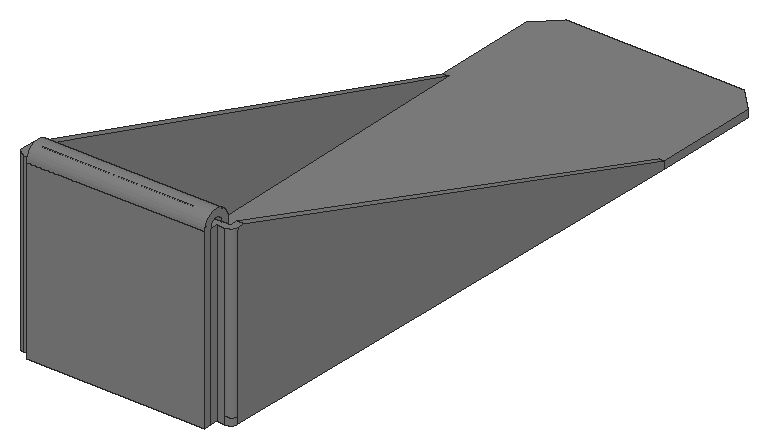
Revit family "Holdown-Simpson_Strong_Tie-HD3B-3D", category Structural Connections, host Face, Revit 2020
Family settings
  Host = Face
  Material for Model Behavior = Other
  OmniClass Number = 23.20.40.11.24.14
  OmniClass Title = Wood Connectors
  Enable cutting in views = No
  Cut with Voids When Loaded = No
  Shared = No
Parameters (values of type "EFHoldown_Simpson")
  Width = 2 1/2"
  URL = "http://www.strongtie.com"
  Type Comments = "Holdowns"  # constant formula
  SPF/HF_Allowable Loads_Tension_160 = "Use Type Catalog"
  Standoff = 3/8"
  Model ID = "F5B11FDA-1746-43F5-A424-0BA0717E0649"  # constant formula
  Is Void = yes
  Bolt Spacing = 2 1/2"
  Provide Feedback = "http://www.strongtie.com/drawings/revit_request.asp"
  Product Material = Steel - Simpson - Galvanized
  Product Documentation Link = "http://www.strongtie.com/products/connectors/HDB-HD.asp"
  Part Number = Model  # "Use Type Catalog"
  Part Description = Description  # "Holdowns"
  Original Creation Date = "May 02, 2013"  # constant formula
  Model Disclaimer = "Contact Simpson Strong-Tie Company Inc. for more information"  # constant formula
  Model = "Use Type Catalog"
  Minimum Wood Member Thickness = "Use Type Catalog"
  Manufacturer = "Simpson Strong-Tie Company Inc."  # constant formula
  Keynote = ""
  Height = 8 5/8"
  Height of Bolt = 4 3/4"
  Fasteners_Type = "Use Type Catalog"
  Fasteners_Quantity = 0
  Family Version = "1.0.0"  # constant formula
  Equipment Number [instance] = ""
  Equipment Abbreviation = "Use Type Catalog"
  Description = "Holdowns"  # constant formula
  Depth = 2 1/4"
  Deflection at Highest_Allowable Load = "Use Type Catalog"
  Default Elevation = 0"
  Date Last Modified = "May 09, 2013"  # constant formula
  DF/SP_Allowable Loads_Tension_160 = "Use Type Catalog"
  Copyright = "Copyright © Simpson Strong-Tie Company Inc."  # constant formula
  Code Reference = "Use Type Catalog"
  Body Gauge = 0
  Anchor Centerline = 2.63364"
  Anchor Bolt Dia. = 0"
Reference planes (in)
  plane 1 "Center (Front/Back)": y = 0
  plane 2: z = 0
  plane 3 "Center (Left/Right)": x = 0
  plane 4 "top1": y = 8.25
  plane 5 "top4": y = 6.625
  plane 6 "left1": x = -1.41992
  plane 7 "left4": x = -1.13807
  plane 8 "left3": x = -1.25
  plane 9 "bottom4": y = -0.09375
  plane 10 "bottom3": y = -0.1875
  plane 11 "bottom2": y = -0.28125
  plane 12 "bottom1": y = -0.375
  plane 13 "left2": x = -1.34375
  plane 14 "right1": x = 1.41992
  plane 15 "right4": x = 1.13807
  plane 16 "right3": x = 1.25
  plane 17 "right2": x = 1.34375
  plane 18 "2": z = 0.09375
  plane 19 "1": z = 2.25
  plane 20 "top2": y = 7.96875
  plane 21 "top3": y = 6.875
  plane 22: y = 4.375
Forms (in)
  Extrusion 1, solid, material "Steel - Simpson - Galvanized" <- "Product Material", detail levels medium+fine
    sketch origin (0, 0, 1.695) x (1, 0, 0) y (0, 1, 0)
      loop
        line (1.13807, -0.28125) -> (1.13807, -0.1875) -> (-1.25, -0.1875) -> (-1.34375, 6.625) -> (-1.41992, 6.625) -> (-1.34372, -0.18975)
        arc (-1.34372, -0.18975) -> (-1.31549, -0.25458) -> (-1.25, -0.28125) r 0.09375
        line (-1.25, -0.28125) -> (1.13807, -0.28125)
    from -1.695 to 0.555
  Extrusion 2, solid, material "Steel - Simpson - Galvanized" <- "Product Material", detail levels medium+fine
    sketch origin (0, 0, 1.695) x (1, 0, 0) y (0, 1, 0)
      loop
        line (1.41992, 6.625) -> (1.34375, 6.625) -> (1.25, -0.09375) -> (-1.13807, -0.09375) -> (-1.13807, -0.1875) -> (1.25, -0.1875)
        arc (1.25, -0.1875) -> (1.31629, -0.16004) -> (1.34375, -0.09375) r 0.09375
        line (1.34375, -0.09375) -> (1.41992, 6.625)
    from -1.695 to 0.555
  Extrusion 3, solid, material "Steel - Simpson - Galvanized" <- "Product Material", detail levels medium+fine
    sketch origin (-1.62237, 0, 0) x (0, 1, 0) y (0, 0, 1)
      loop
        line (-0.375, 2.25) -> (-0.375, 0) -> (-0.28125, 0) -> (-0.28125, 2.25)
        arc (-0.28125, 2.25) -> (-0.1875, 2.34375) -> (-0.09375, 2.25) r 0.09375
        line (-0.09375, 2.25) -> (-0.09375, 0.09375) -> (0, 0.09375) -> (0, 2.25)
        arc (0, 2.25) -> (-0.1875, 2.4375) -> (-0.375, 2.25) r 0.1875
    from 0.4843 to 2.76044
  Extrusion 4, solid, material "Steel - Simpson - Galvanized" <- "Product Material", detail levels medium+fine
    sketch origin (0, 0, 1.695) x (1, 0, 0) y (0, 1, 0)
      loop
        line (1.13807, 8.25) -> (-1.13807, 8.25) -> (-1.41992, 7.96875) -> (-1.41992, 6.625) -> (-1.34375, -0.1875) -> (1.25, -0.1875)
        arc (1.25, -0.1875) -> (1.31629, -0.16004) -> (1.34375, -0.09375) r 0.09375
        line (1.34375, -0.09375) -> (1.41992, 6.625) -> (1.41992, 7.96815) -> (1.13807, 8.25)
    from -1.695 to -1.60125
  Extrusion 5, void
    sketch origin (-1.62237, 0, 0) x (0, 1, 0) y (0, 0, 1)
      loop
        line (6.625, 2.25) -> (0, 2.25) -> (6.625, 0.09375) -> (6.625, 2.25)
    from -0.24813 to 3.50667
Cuts and joins
  Extrusion 5 cuts Extrusion 1
  Extrusion 5 cuts Extrusion 2
  Extrusion 5 cuts Extrusion 4
  joined: Extrusion 1, Extrusion 2, Extrusion 4
Lines and regions (in)
  Masking region 1, detail levels medium+fine
    outline origin (0, 0, 0.09375) x (0, 1, 0) y (-1, 0, 0)
      loop
        arc (-0.1875, -1.25) -> (-0.16004, -1.31629) -> (-0.09375, -1.34375) r 0.09375
        line (-0.09375, -1.34375) -> (6.625, -1.41992) -> (7.96815, -1.41992) -> (8.25, -1.13807) -> (8.25, 1.13807) -> (7.96875, 1.41992) -> (6.625, 1.41992) -> (-0.18975, 1.34372)
        arc (-0.18975, 1.34372) -> (-0.25458, 1.31549) -> (-0.28125, 1.25) r 0.09375
        line (-0.28125, 1.25) -> (-0.28125, 1.13807) -> (-0.375, 1.13807) -> (-0.375, -1.13807) -> (-0.1875, -1.13807) -> (-0.1875, -1.25)
      loop
        circle (6.875, 0) r 0.34375
      loop
        circle (4.375, 0) r 0.34375
  Masking region 2, detail levels medium+fine
    outline origin (0, 0, 2.25) x (0, 1, 0) y (-1, 0, 0)
      loop
        line (6.625, -1.34375) -> (-0.09375, -1.25) -> (-0.09375, -1.13807) -> (0, -1.13807) -> (0, 1.13807) -> (-0.1875, 1.13807) -> (-0.1875, 1.25) -> (6.625, 1.34375) -> (6.625, 1.41992) -> (-0.18746, 1.34375)
        arc (-0.18746, 1.34375) -> (-0.25375, 1.31629) -> (-0.28121, 1.24999) r 0.09376
        line (-0.28121, 1.24999) -> (-0.28121, 1.13807) -> (-0.375, 1.13807) -> (-0.375, -1.13807) -> (-0.125, -1.13807) -> (-0.125, -1.34375) -> (6.625, -1.41992) -> (6.625, -1.34375)
  Masking region 3, detail levels medium+fine
    outline origin (1.41992, 0, 0) x (0, 1, 0) y (0, 0, 1)
      loop
        line (6.625, 0.09375) -> (-0.375, 2.37205) -> (-0.375, 0) -> (8.25, 0) -> (8.25, 0.09375) -> (6.625, 0.09375)
  Masking region 4, detail levels medium+fine
    outline origin (-1.41992, 0, 0) x (0, 1, 0) y (0, 0, 1)
      loop
        arc (0, 2.25) -> (-0.1875, 2.4375) -> (-0.375, 2.25) r 0.1875
        line (-0.375, 2.25) -> (-0.375, 0) -> (8.25, 0) -> (8.25, 0.09375) -> (6.625, 0.09375) -> (0, 2.25)
  Masking region 5, detail levels medium+fine
    outline origin (0, 8.25, 0) x (1, 0, 0) y (0, 0, 1)
      loop
        line (1.34481, 2.25) -> (1.25131, 2.25) -> (1.34375, 0.09375) -> (-1.34375, 0.09375) -> (-1.25258, 2.25) -> (-1.34584, 2.25) -> (-1.41992, 0.09375) -> (-1.41992, 0) -> (1.41992, 0) -> (1.41992, 0.09375) -> (1.34481, 2.25)
  symbolic lines, detail levels medium+fine
    curve 1: line (1.13807, 8.25, 0.09375) -> (-1.13807, 8.25, 0.09375)
    curve 2: line (-1.13807, 8.25, 0.09375) -> (-1.41992, 7.96875, 0.09375)
    curve 3: line (-1.41992, 7.96875, 0.09375) -> (-1.41992, 6.625, 0.09375)
    curve 4: line (1.41992, 6.625, 0.09375) -> (1.41992, 7.96815, 0.09375)
    curve 5: line (1.41992, 7.96815, 0.09375) -> (1.13807, 8.25, 0.09375)
    curve 6: line (1.34375, -0.09375, 0.09375) -> (1.41992, 6.625, 0.09375)
    curve 7: line (1.34375, 6.625, 0.09375) -> (1.25, -0.09375, 0.09375)
    curve 8: line (-1.25, -0.1875, 0.09375) -> (-1.34375, 6.625, 0.09375)
    curve 9: line (-1.41992, 6.625, 0.09375) -> (-1.34372, -0.18975, 0.09375)
    curve 10: line (-1.34375, 6.625, 0.09375) -> (-1.41992, 6.625, 0.09375)
    curve 11: line (1.34375, 6.625, 0.09375) -> (1.41992, 6.625, 0.09375)
    curve 12: line (1.34481, 0, 0.09375) -> (1.25131, 0, 0.09375)
    curve 13: arc (1.25, -0.1875, 0.09375) -> (1.31629, -0.16004, 0.09375) -> (1.34375, -0.09375, 0.09375) r 0.09375
    curve 14: line (-1.25, -0.1875, 0.09375) -> (-1.13807, -0.1875, 0.09375)
    curve 15: line (1.25, -0.09375, 0.09375) -> (1.13807, -0.09375, 0.09375)
    curve 16: line (-1.25258, 0, 0.09375) -> (-1.34584, 0, 0.09375)
    curve 17: arc (-1.34372, -0.18975, 0.09375) -> (-1.31549, -0.25458, 0.09375) -> (-1.25, -0.28125, 0.09375) r 0.09375
    curve 18: line (-1.25, -0.28125, 0.09375) -> (-1.13807, -0.28125, 0.09375)
    curve 19: line (1.13807, -0.1875, 0.09375) -> (1.25, -0.1875, 0.09375)
    curve 20: line (-1.13807, 0, 0.09375) -> (-1.13807, -0.375, 0.09375)
    curve 21: line (-1.13807, -0.375, 0.09375) -> (1.13807, -0.375, 0.09375)
    curve 22: line (1.13807, 0, 0.09375) -> (-1.13807, 0, 0.09375)
    curve 23: line (1.13807, -0.375, 0.09375) -> (1.13807, 0, 0.09375)
    curve 24: line (0, 8.25, 0) -> (0, 8.25, 0.09375)
    curve 25: line (0, 7.96815, 0) -> (0, 7.96815, 0.09375)
    curve 26: line (0, 6.625, 0) -> (0, 6.625, 0.09375)
    curve 27: line (0, -0.1875, 0) -> (0, -0.1875, 2.25)
    curve 28: line (0, -0.28125, 0) -> (0, -0.28125, 2.25)
    curve 29: line (0, -0.375, 2.25) -> (0, -0.375, 0)
    curve 30: line (0, 0, 2.25) -> (0, -0.28125, 2.25)
    curve 31: arc (0, -0.28125, 2.25) -> (0, -0.1875, 2.34375) -> (0, -0.09375, 2.25) r 0.09375
    curve 32: arc (0, 0, 2.25) -> (0, -0.1875, 2.4375) -> (0, -0.375, 2.25) r 0.1875
    curve 33: line (0, 0, 2.25) -> (0, 6.625, 0.09375)
    curve 34: line (0, -0.375, 0) -> (0, 8.25, 0)
    curve 35: line (0, 8.25, 0.09375) -> (0, 6.625, 0.09375)
    curve 36: line (-1.13807, 0, 2.4375) -> (-1.13807, 0, 0)
    curve 37: line (1.13807, 0, 0) -> (1.13807, 0, 2.4375)
    curve 38: line (1.34481, 0, 2.25) -> (1.13807, 0, 2.25)
    curve 39: line (-1.13807, 0, 2.25) -> (-1.34584, 0, 2.25)
    curve 40: line (1.34375, 0, 0.09375) -> (-1.34375, 0, 0.09375)
    curve 41: line (-1.41992, 0, 0) -> (1.41992, 0, 0)
    curve 42: line (1.41992, 0, 0) -> (1.41992, 0, 0.09375)
    curve 43: line (-1.41992, 0, 0.09375) -> (-1.41992, 0, 0)
    curve 44: line (1.41992, 0, 0.09375) -> (1.34481, 0, 2.25)
    curve 45: line (1.25131, 0, 2.25) -> (1.34375, 0, 0.09375)
    curve 46: line (-1.34584, 0, 2.25) -> (-1.41992, 0, 0.09375)
    curve 47: line (-1.34375, 0, 0.09375) -> (-1.25258, 0, 2.25)
    curve 48: line (-1.13807, 0, 2.4375) -> (1.13807, 0, 2.4375)
    curve 49: line (1.25, 0, 0.09375) -> (1.25, 0, 2.25)
    curve 50: line (-1.25, 0, 0.09375) -> (-1.25, 0, 2.25)
    curve 59: arc (0.3125, 8.25, 1.17187) -> (0, 8.25, 1.48437) -> (-0.3125, 8.25, 1.17187) r 0.3125
    curve 60: arc (-0.3125, 8.25, 1.17187) -> (0, 8.25, 0.85937) -> (0.3125, 8.25, 1.17187) r 0.3125
  model lines, style "Holdown", detail levels fine
    curve 51: line (0, 7.21875, 0.09375) -> (0, 6.53125, 0.09375)
    curve 52: line (-0.34375, 6.875, 0.09375) -> (0.34375, 6.875, 0.09375)
    curve 53: line (0, 4.71875, 0.09375) -> (0, 4.03125, 0.09375)
    curve 54: line (-0.34375, 4.375, 0.09375) -> (0.34375, 4.375, 0.09375)
  model lines, style "Holdown", detail levels medium+fine
    curve 55: arc (0.3125, 0, 1.17187) -> (0, 0, 1.48437) -> (-0.3125, 0, 1.17187) r 0.3125
    curve 56: arc (-0.3125, 0, 1.17187) -> (0, 0, 0.85937) -> (0.3125, 0, 1.17187) r 0.3125
  model lines, style "InvisibleLines", detail levels medium+fine
    curve 57: line (0, 0, 0.85937) -> (0, 0, 1.48437)
    curve 58: line (-0.3125, 0, 1.17187) -> (0.3125, 0, 1.17187)
Dimensions and locks (in)
  "Height": plane 12 "bottom1" to plane 4 "top1"
  plane 6 "left1" to plane 13 "left2" to plane 8 "left3" to plane 7 "left4" = 0.07617" locked, 3/32" locked, 0.11193" locked
  plane 15 "right4" to plane 16 "right3" to plane 17 "right2" to plane 14 "right1" = 0.11193" locked, 3/32" locked, 0.07617" locked
  plane 12 "bottom1" to plane 11 "bottom2" to plane 10 "bottom3" to plane 9 "bottom4" to plane 1 "Center (Front/Back)" = 3/32" locked, 3/32" locked, 3/32" locked, 3/32" locked
  "Width": plane 8 "left3" to plane 16 "right3"
  equal spacing: plane 8 "left3", plane 3 "Center (Left/Right)", plane 16 "right3"
  locked: Extrusion 4 sketch curve to plane 14 "right1" at 0.28185
  "Depth": plane 19 "1" to plane 2
  plane 5 "top4" to plane 20 "top2" to plane 4 "top1" = 1 11/32" locked, 9/32" locked
  "Height of Bolt": plane 12 "bottom1" to plane 22
  "Bolt Spacing": plane 22 to plane 21 "top3"
  locked: plane 18 "2" to plane 2 at 0.09375
  aligned and locked: plane 2 to host face
  aligned and locked: level to host face
  aligned and locked: plane 11 "bottom2" to Extrusion 1 sketch curve
  aligned and locked: plane 10 "bottom3" to Extrusion 1 sketch curve
  aligned and locked: Extrusion 1 sketch curve to plane 5 "top4"
  aligned and locked: plane 6 "left1" to Extrusion 1 sketch curve
  aligned and locked: plane 13 "left2" to Extrusion 1 sketch curve
  aligned and locked: plane 8 "left3" to Extrusion 1 sketch curve
  aligned and locked: plane 5 "top4" to Extrusion 2 sketch curve
  aligned and locked: plane 17 "right2" to Extrusion 2 sketch curve
  aligned and locked: plane 14 "right1" to Extrusion 2 sketch curve
  aligned and locked: plane 16 "right3" to Extrusion 2 sketch curve  (x2)
  aligned and locked: plane 9 "bottom4" to Extrusion 2 sketch curve  (x2)
  aligned and locked: Extrusion 2 sketch curve to plane 10 "bottom3"
  aligned and locked: Extrusion 2 to plane 2
  aligned and locked: Extrusion 1 to plane 2
  aligned and locked: plane 12 "bottom1" to Extrusion 3 sketch curve
  aligned and locked: plane 11 "bottom2" to Extrusion 3 sketch curve
  aligned and locked: plane 9 "bottom4" to Extrusion 3 sketch curve
  aligned and locked: plane 1 "Center (Front/Back)" to Extrusion 3 sketch curve
  aligned and locked: plane 7 "left4" to Extrusion 3
  aligned and locked: plane 15 "right4" to Extrusion 3
  aligned and locked: Extrusion 2 sketch curve to plane 7 "left4"
  aligned and locked: Extrusion 1 sketch curve to plane 15 "right4"
  aligned and locked: Extrusion 3 sketch curve to plane 18 "2"
  aligned and locked: plane 4 "top1" to Extrusion 4 sketch curve
  aligned and locked: Extrusion 4 sketch curve to plane 14 "right1"
  aligned and locked: plane 6 "left1" to Extrusion 4 sketch curve  (x2)
  aligned and locked: Extrusion 4 sketch curve to plane 10 "bottom3"
  aligned and locked: plane 16 "right3" to Extrusion 4 sketch curve
  aligned and locked: plane 14 "right1" to Extrusion 4 sketch curve
  aligned and locked: plane 9 "bottom4" to Extrusion 4 sketch curve
  aligned and locked: plane 18 "2" to Extrusion 4
  aligned and locked: Extrusion 4 to plane 2
  aligned and locked: plane 5 "top4" to Extrusion 5 sketch curve
  aligned and locked: plane 19 "1" to Extrusion 5 sketch curve
  aligned and locked: plane 1 "Center (Front/Back)" to Extrusion 5 sketch curve
  aligned and locked: plane 18 "2" to Extrusion 5 sketch curve
  aligned and locked: plane 20 "top2" to Extrusion 4 sketch curve
  aligned and locked: plane 7 "left4" to Extrusion 4 sketch curve
  aligned and locked: plane 19 "1" to cut or joined group of Extrusion 1, Extrusion 2, Extrusion 4, Extrusion 5
  aligned and locked: curve 8 to cut or joined group of Extrusion 1, Extrusion 2, Extrusion 4, Extrusion 5
  aligned and locked: curve 9 to cut or joined group of Extrusion 1, Extrusion 2, Extrusion 4, Extrusion 5
  aligned and locked: curve 10 to cut or joined group of Extrusion 1, Extrusion 2, Extrusion 4, Extrusion 5
  aligned and locked: cut or joined group of Extrusion 1, Extrusion 2, Extrusion 4, Extrusion 5 to curve 16
  aligned and locked: curve 17 to cut or joined group of Extrusion 1, Extrusion 2, Extrusion 4, Extrusion 5
  aligned and locked: curve 18 to cut or joined group of Extrusion 1, Extrusion 2, Extrusion 4, Extrusion 5
  aligned and locked: Masking region 1 sketch curve to curve 13
  aligned and locked: Masking region 1 sketch curve to curve 6
  aligned and locked: Masking region 1 sketch curve to curve 4
  aligned and locked: Masking region 1 sketch curve to curve 5
  aligned and locked: Masking region 1 sketch curve to curve 1
  aligned and locked: Masking region 1 sketch curve to curve 2
  aligned and locked: Masking region 1 sketch curve to curve 3
  aligned and locked: Masking region 1 sketch curve to curve 9
  aligned and locked: Masking region 1 sketch curve to curve 17
  aligned and locked: Masking region 1 sketch curve to curve 21
  aligned and locked: Masking region 2 sketch curve to curve 11
  aligned and locked: Masking region 2 sketch curve to curve 21
  aligned and locked: Masking region 2 sketch curve to cut or joined group of Extrusion 1, Extrusion 2, Extrusion 4, Extrusion 5  (x3)
  aligned and locked: cut or joined group of Extrusion 1, Extrusion 2, Extrusion 4, Extrusion 5 to Masking region 2 sketch curve
  aligned and locked: curve 26 to cut or joined group of Extrusion 1, Extrusion 2, Extrusion 4, Extrusion 5
  aligned and locked: curve 27 to cut or joined group of Extrusion 1, Extrusion 2, Extrusion 4, Extrusion 5
  aligned and locked: Masking region 4 sketch curve to cut or joined group of Extrusion 1, Extrusion 2, Extrusion 4, Extrusion 5
  aligned and locked: cut or joined group of Extrusion 1, Extrusion 2, Extrusion 4, Extrusion 5 to curve 39
  aligned and locked: curve 46 to cut or joined group of Extrusion 1, Extrusion 2, Extrusion 4, Extrusion 5
  aligned and locked: curve 47 to cut or joined group of Extrusion 1, Extrusion 2, Extrusion 4, Extrusion 5
  aligned and locked: cut or joined group of Extrusion 1, Extrusion 2, Extrusion 4, Extrusion 5 to curve 50
  aligned and locked: Masking region 5 sketch curve to curve 44
  aligned and locked: Masking region 5 sketch curve to curve 45
  aligned and locked: Masking region 5 sketch curve to curve 46
  aligned and locked: Masking region 5 sketch curve to curve 47
  aligned and locked: cut or joined group of Extrusion 1, Extrusion 2, Extrusion 4, Extrusion 5 to Masking region 5 sketch curve
  aligned and locked: Masking region 5 sketch curve to curve 40
  aligned and locked: plane 21 "top3" to Masking region 1 sketch curve
  aligned and locked: plane 22 to Masking region 1 sketch curve
  aligned and locked: plane 3 "Center (Left/Right)" to Masking region 1 sketch curve  (x2)
Automatic sketch dimensions
  host sketch curve to host sketch curve = 4.25229"
  host sketch curve to host sketch curve = 9.94479"
  curve 31 to curve 32 = 0"  (x2)
  curve 29 to plane 12 "bottom1" = 0"
  curve 30 to plane 11 "bottom2" = 0"
  curve 27 to level = 0"
  curve 27 to plane 10 "bottom3" = 0"
  curve 31 to plane 10 "bottom3" = 0"
  curve 33 to plane 5 "top4" = 0"
  curve 25 to plane 18 "2" = 0"
  curve 34 to plane 4 "top1" = 0"
  curve 31 to plane 19 "1" = 0"
  plane 20 "top2" to curve 25 = 0.0006"
  curve 43 to level = 0"
  curve 43 to plane 6 "left1" = 0"
  curve 46 to plane 19 "1" = 0"
  plane 13 "left2" to curve 40 = 0"
  plane 7 "left4" to curve 36 = 0"
  curve 48 to plane 15 "right4" = 0"
  plane 14 "right1" to curve 42 = 0"
  curve 50 to plane 18 "2" = 0"
  plane 19 "1" to curve 48 = 3/16"
  Extrusion 1 sketch curve to plane 8 "left3" = 0"
  plane 10 "bottom3" to Extrusion 1 sketch curve = 0"
  Extrusion 1 sketch curve to plane 13 "left2" = 0.00003"
  Extrusion 3 sketch curve to Extrusion 3 sketch curve = 0"
  Extrusion 3 sketch curve to plane 19 "1" = 0"
  Extrusion 4 sketch curve to plane 13 "left2" = 0"
  plane 5 "top4" to Extrusion 4 sketch curve = 0"  (x2)
  plane 4 "top1" to Extrusion 4 sketch curve = 0"
  plane 20 "top2" to Extrusion 4 sketch curve = 0.0006"
  plane 12 "bottom1" to curve 23 = 0"
  curve 18 to plane 8 "left3" = 0"
  plane 11 "bottom2" to curve 18 = 0"
  curve 14 to plane 8 "left3" = 0"
  plane 10 "bottom3" to curve 14 = 0"
  plane 10 "bottom3" to curve 13 = 0"
  plane 10 "bottom3" to curve 17 = 0"
  plane 9 "bottom4" to curve 7 = 0"
  plane 9 "bottom4" to curve 6 = 0"
  plane 1 "Center (Front/Back)" to curve 12 = 0"
  plane 1 "Center (Front/Back)" to curve 23 = 0"
  plane 1 "Center (Front/Back)" to curve 16 = 0"
  curve 53 to plane 3 "Center (Left/Right)" = 0"
  plane 22 to curve 54 = 0"
  curve 51 to plane 3 "Center (Left/Right)" = 0"
  plane 5 "top4" to curve 10 = 0"
  plane 5 "top4" to curve 11 = 0"
  plane 21 "top3" to curve 52 = 0"
  curve 4 to plane 14 "right1" = 0"
  curve 3 to plane 6 "left1" = 0"
  plane 20 "top2" to curve 3 = 0"
  plane 4 "top1" to curve 2 = 0"
  curve 6 to plane 17 "right2" = 0"
  curve 7 to plane 17 "right2" = 0"
  curve 7 to plane 16 "right3" = 0"
  curve 15 to plane 15 "right4" = 0"
  curve 1 to plane 7 "left4" = 0"
  curve 20 to plane 7 "left4" = 0"
  curve 10 to plane 13 "left2" = 0"
  curve 9 to plane 13 "left2" = 0.00003"
  plane 22 to curve 53 = 11/32"
  curve 53 to plane 22 = 11/32"
  plane 5 "top4" to curve 51 = 3/32"
  curve 51 to plane 21 "top3" = 11/32"
  plane 20 "top2" to curve 4 = 0.0006"
  curve 1 to plane 15 "right4" = 0"
  plane 3 "Center (Left/Right)" to curve 52 = 11/32"
  plane 3 "Center (Left/Right)" to curve 54 = 11/32"
  curve 52 to plane 3 "Center (Left/Right)" = 11/32"
  curve 54 to plane 3 "Center (Left/Right)" = 11/32"
  Masking region 1 sketch curve to plane 15 "right4" = 0"
  Masking region 1 sketch curve to plane 7 "left4" = 0"
  plane 3 "Center (Left/Right)" to Masking region 1 sketch curve = 11/32"  (x2)
  Masking region 2 sketch curve to plane 7 "left4" = 0"  (x2)
  plane 1 "Center (Front/Back)" to Masking region 2 sketch curve = 0"
  Masking region 2 sketch curve to plane 15 "right4" = 0"  (x2)
  Masking region 2 sketch curve to plane 11 "bottom2" = 0.00004"
  Masking region 2 sketch curve to plane 13 "left2" = 0"
  Masking region 3 sketch curve to plane 12 "bottom1" = 0"  (x2)
  Masking region 3 sketch curve to Masking region 3 sketch curve = 0"
  Masking region 4 sketch curve to plane 12 "bottom1" = 0"
  Masking region 4 sketch curve to plane 10 "bottom3" = 0"
  curve 57 to Extrusion 3 = 49/64"
  curve 57 to curve 55 = 5/16"
  Extrusion 3 to curve 56 = 0.82557"
  curve 55 to curve 57 = 0"
  curve 59 to curve 60 = 0"  (x2)
  curve 60 to plane 3 "Center (Left/Right)" = 0"
  curve 59 to curve 59 = 5/16"
  plane 18 "2" to curve 59 = 1 5/64"
  curve 49 to plane 16 "right3" = 0"
  Masking region 3 sketch curve to plane 5 "top4" = 0"
  Masking region 3 sketch curve to plane 4 "top1" = 0"
  Masking region 4 sketch curve to plane 5 "top4" = 0"
  Masking region 4 sketch curve to plane 4 "top1" = 0"
  Masking region 5 sketch curve to plane 6 "left1" = 0"
  plane 14 "right1" to Masking region 5 sketch curve = 0"
  curve 45 to plane 19 "1" = 0"
  curve 45 to plane 17 "right2" = 0"
  curve 44 to plane 18 "2" = 0"
  curve 49 to curve 45 = 0.00131"
  plane 17 "right2" to curve 44 = 0.00106"
  Extrusion 3 sketch curve to level = 0"
  Masking region 2 sketch curve to plane 10 "bottom3" = 1/16"
  plane 9 "bottom4" to Masking region 2 sketch curve = 0"
  Masking region 2 sketch curve to plane 14 "right1" = 0"
  Masking region 2 sketch curve to plane 17 "right2" = 0"  (x3)
  Masking region 2 sketch curve to plane 16 "right3" = 0"
  Masking region 3 sketch curve to level = 0"
  Masking region 3 sketch curve to plane 18 "2" = 0"
  plane 19 "1" to Masking region 3 sketch curve = 0.12205"
  Masking region 4 sketch curve to level = 0"
  Masking region 5 sketch curve to plane 19 "1" = 0"
  Masking region 5 sketch curve to level = 0"
  Masking region 2 sketch curve to Masking region 2 sketch curve = 0"
